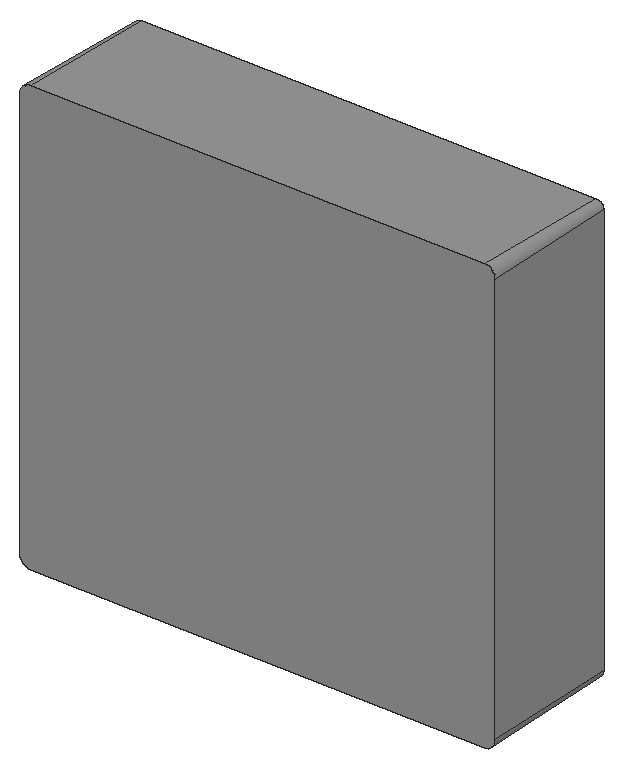
Revit family "L&L_LUCE&LIGHT_PASITO_1.2", category Lighting Fixtures, host Wall, Revit 2018 (continued)
Types (2, lengths in mm): name | Photometric Web File | built-in parameter 1150142
     0.00 0.00 \r\n0.00 0.00 0.00 0.00 0.00 0.00 0.00 0.00 0.00 0.00 0.00 \r\n0.00 0.00 0.00 0.00 0.00 0.00 0.00 0.00 0.00 0.00 0.00 \r\n0.00 0.00 0.00 0.00 0.00 0.00 0.00 0.00 0.00 0.00 0.00 \r\n0.00 0.00 0.00 0.00 0.00 0.00 0.00 0.00 0.00 0.00 0.00 \r\n0.00 0.00 0.00 0.01 0.02 \r\n0.07 0.05 0.02 0.00 0.00 0.00 0.00 0.00 0.00 0.00 0.00 \r\n0.00 0.00 0.00 0.00 0.00 0.00 0.00 0.00 0.00 0.00 0.00 \r\n0.00 0.00 0.00 0.00 0.00 0.00 0.00 0.00 0.00 0.00 0.00 \r\n0.00 0.00 0.00 0.00 0.00 0.00 0.00 0.00 0.00 0.00 0.00 \r\n0.00 0.00 0.00 0.00 0.00 0.00 0.00 0.00 0.00 0.00 0.00 \r\n0.00 0.00 0.00 0.00 0.00 0.00 0.00 0.00 0.00 0.00 0.00 \r\n0.00 0.00 0.00 0.00 0.00 0.00 0.00 0.00 0.00 0.00 0.00 \r\n0.00 0.00 0.00 0.00 0.00 0.00 0.00 0.00 0.00 0.00 0.00 \r\n0.00 0.00 0.00 0.00 0.00 0.00 0.00 0.00 0.00 0.00 0.00 \r\n0.00 0.00 0.00 0.00 0.00 0.00 0.00 0.00 0.00 0.00 0.00 \r\n0.00 0.00 0.00 0.00 0.00 0.00 0.00 0.00 0.00 0.00 0.00 \r\n0.00 0.00 0.00 0.00 0.00 0.00 0.00 0.00 0.00 0.00 0.00 \r\n0.00 0.00 0.00 0.00 0.00 0.00 0.00 0.00 0.00 0.00 0.00 \r\n0.00 0.00 0.00 0.00 0.00 0.00 0.00 0.00 0.00 0.00 0.00 \r\n0.00 0.00 0.00 0.00 0.00 0.00 0.00 0.00 0.00 0.00 0.00 \r\n0.00 0.00 0.00 0.00 0.00 0.00 0.00 0.00 0.00 0.00 0.00 \r\n0.00 0.00 0.01 0.01 0.02 \r\n0.07 0.05 0.04 0.02 0.00 0.00 0.00 0.00 0.00 0.00 0.00 \r\n0.00 0.00 0.00 0.00 0.00 0.00 0.00 0.00 0.00 0.00 0.00 \r\n0.00 0.00 0.00 0.00 0.00 0.00 0.00 0.00 0.00 0.00 0.00 \r\n0.00 0.00 0.00 0.00 0.00 0.00 0.00 0.00 0.00 0.00 0.00 \r\n0.00 0.00 0.00 0.00 0.00 0.00 0.00 0.00 0.00 0.00 0.00 \r\n0.00 0.00 0.00 0.00 0.00 0.00 0.00 0.00 0.00 0.00 0.00 \r\n0.00 0.00 0.00 0.00 0.00 0.00 0.00 0.00 0.00 0.00 0.00 \r\n0.00 0.00 0.00 0.00 0.00 0.00 0.00 0.00 0.00 0.00 0.00 \r\n0.00 0.00 0.00 0.00 0.00 0.00 0.00 0.00 0.00 0.00 0.00 \r\n0.00 0.00 0.00 0.00 0.00 0.00 0.00 0.00 0.00 0.00 0.00 \r\n0.00 0.00 0.00 0.00 0.00 0.00 0.00 0.00 0.00 0.00 0.00 \r\n0.00 0.00 0.00 0.00 0.00 0.00 0.00 0.00 0.00 0.00 0.00 \r\n0.00 0.00 0.00 0.00 0.00 0.00 0.00 0.00 0.00 0.00 0.00 \r\n0.00 0.00 0.00 0.00 0.00 0.00 0.00 0.00 0.00 0.00 0.00 \r\n0.00 0.00 0.00 0.00 0.00 0.00 0.00 0.00 0.00 0.00 0.00 \r\n0.00 0.00 0.00 0.00 0.00 0.00 0.00 0.00 0.00 0.00 0.00 \r\n0.00 0.01 0.01 0.02 0.02 \r\n0.07 0.06 0.05 0.03 0.02 0.01 0.00 0.00 0.00 0.00 0.00 \r\n0.00 0.00 0.00 0.00 0.00 0.00 0.00 0.00 0.00 0.00 0.00 \r\n0.00 0.00 0.00 0.00 0.00 0.00 0.00 0.00 0.00 0.00 0.00 \r\n0.00 0.00 0.00 0.00 0.00 0.00 0.00 0.00 0.00 0.00 0.00 \r\n0.00 0.00 0.00 0.00 0.00 0.00 0.00 0.00 0.00 0.00 0.00 \r\n0.00 0.00 0.00 0.00 0.00 0.00 0.00 0.00 0.00 0.00 0.00 \r\n0.00 0.00 0.00 0.00 0.00 0.00 0.00 0.00 0.00 0.00 0.00 \r\n0.00 0.00 0.00 0.00 0.00 0.00 0.00 0.00 0.00 0.00 0.00 \r\n0.00 0.00 0.00 0.00 0.00 0.00 0.00 0.00 0.00 0.00 0.00 \r\n0.00 0.00 0.00 0.00 0.00 0.00 0.00 0.00 0.00 0.00 0.00 \r\n0.00 0.00 0.00 0.00 0.00 0.00 0.00 0.00 0.00 0.00 0.00 \r\n0.00 0.00 0.00 0.00 0.00 0.00 0.00 0.00 0.00 0.00 0.00 \r\n0.00 0.00 0.00 0.00 0.00 0.00 0.00 0.00 0.00 0.00 0.00 \r\n0.00 0.00 0.00 0.00 0.00 0.00 0.00 0.00 0.00 0.00 0.00 \r\n0.00 0.00 0.00 0.00 0.00 0.00 0.00 0.00 0.00 0.00 0.00 \r\n0.00 0.00 0.00 0.00 0.00 0.00 0.00 0.00 0.00 0.00 0.00 \r\n0.01 0.01 0.02 0.02 0.02 \r\n0.07 0.07 0.06 0.05 0.04 0.04 0.03 0.02 0.02 0.01 0.01 \r\n0.00 0.00 0.00 0.00 0.00 0.00 0.00 0.00 0.00 0.00 0.00 \r\n0.00 0.00 0.00 0.00 0.00 0.00 0.00 0.00 0.00 0.00 0.00 \r\n0.00 0.00 0.00 0.00 0.00 0.00 0.00 0.00 0.00 0.00 0.00 \r\n0.00 0.00 0.00 0.00 0.00 0.00 0.00 0.00 0.00 0.00 0.00 \r\n0.00 0.00 0.00 0.00 0.00 0.00 0.00 0.00 0.00 0.00 0.00 \r\n0.00 0.00 0.00 0.00 0.00 0.00 0.00 0.00 0.00 0.00 0.00 \r\n0.00 0.00 0.00 0.00 0.00 0.00 0.00 0.00 0.00 0.00 0.00 \r\n0.00 0.00 0.00 0.00 0.00 0.00 0.00 0.00 0.00 0.00 0.00 \r\n0.00 0.00 0.00 0.00 0.00 0.00 0.00 0.00 0.00 0.00 0.00 \r\n0.00 0.00 0.00 0.00 0.00 0.00 0.00 0.00 0.00 0.00 0.00 \r\n0.00 0.00 0.00 0.00 0.00 0.00 0.00 0.00 0.00 0.00 0.00 \r\n0.00 0.00 0.00 0.00 0.00 0.00 0.00 0.00 0.00 0.00 0.00 \r\n0.00 0.00 0.00 0.00 0.00 0.00 0.00 0.00 0.00 0.00 0.00 \r\n0.00 0.00 0.00 0.00 0.00 0.00 0.00 0.00 0.00 0.00 0.00 \r\n0.00 0.00 0.00 0.00 0.00 0.00 0.01 0.01 0.01 0.01 0.02 \r\n0.02 0.02 0.02 0.02 0.02 \r\n0.07 0.07 0.07 0.07 0.07 0.07 0.07 0.07 0.07 0.07 0.07 \r\n0.07 0.07 0.07 0.08 0.08 0.08 0.08 0.08 0.09 0.09 0.09 \r\n0.09 0.09 0.10 0.10 0.10 0.10 0.11 0.11 0.11 0.11 0.11 \r\n0.12 0.12 0.12 0.12 0.13 0.13 0.13 0.13 0.14 0.14 0.14 \r\n0.14 0.15 0.15 0.15 0.15 0.15 0.16 0.16 0.16 0.16 0.17 \r\n0.17 0.17 0.17 0.17 0.17 0.18 0.18 0.18 0.18 0.18 0.18 \r\n0.19 0.19 0.19 0.19 0.19 0.19 0.19 0.19 0.20 0.20 0.20 \r\n0.20 0.20 0.20 0.20 0.20 0.21 0.21 0.21 0.21 0.21 0.21 \r\n0.21 0.21 0.22 0.22 0.22 0.22 0.22 0.22 0.22 0.22 0.22 \r\n0.22 0.22 0.22 0.22 0.22 0.22 0.22 0.22 0.22 0.22 0.21 \r\n0.21 0.21 0.21 0.21 0.21 0.20 0.20 0.20 0.20 0.19 0.19 \r\n0.19 0.19 0.18 0.18 0.18 0.18 0.18 0.17 0.17 0.17 0.17 \r\n0.16 0.16 0.16 0.15 0.15 0.15 0.14 0.14 0.14 0.13 0.13 \r\n0.13 0.12 0.12 0.11 0.11 0.11 0.10 0.10 0.09 0.09 0.09 \r\n0.08 0.08 0.08 0.07 0.07 0.07 0.06 0.06 0.06 0.06 0.05 \r\n0.05 0.05 0.05 0.04 0.04 0.04 0.04 0.04 0.04 0.04 0.04 \r\n0.04 0.03 0.03 0.02 0.02 \r\n0.07 0.07 0.08 0.09 0.10 0.11 0.12 0.14 0.15 0.16 0.17 \r\n0.18 0.21 0.25 0.30 0.35 0.39 0.43 0.47 0.53 0.60 0.66 \r\n0.73 0.80 0.87 0.94 1.00 1.05 1.11 1.18 1.24 1.30 1.35 \r\n1.40 1.45 1.49 1.53 1.58 1.62 1.66 1.70 1.73 1.74 1.76 \r\n1.76 1.77 1.78 1.78 1.78 1.78 1.78 1.80 1.83 1.85 1.89 \r\n1.93 1.97 2.00 2.03 2.05 2.07 2.08 2.08 2.08 2.07 2.06 \r\n2.07 2.07 2.08 2.09 2.09 2.09 2.08 2.07 2.06 2.04 2.04 \r\n2.02 2.00 1.98 1.96 1.94 1.91 1.87 1.84 1.80 1.76 1.72 \r\n1.68 1.64 1.60 1.56 1.52 1.49 1.46 1.43 1.41 1.38 1.36 \r\n1.34 1.32 1.30 1.28 1.25 1.23 1.21 1.19 1.17 1.14 1.12 \r\n1.10 1.08 1.06 1.04 1.02 1.00 0.98 0.96 0.95 0.93 0.92 \r\n0.90 0.88 0.87 0.85 0.83 0.81 0.80 0.78 0.77 0.75 0.73 \r\n0.72 0.69 0.67 0.66 0.64 0.63 0.61 0.60 0.58 0.57 0.55 \r\n0.53 0.51 0.49 0.48 0.46 0.44 0.43 0.41 0.40 0.38 0.36 \r\n0.35 0.33 0.31 0.30 0.28 0.27 0.25 0.24 0.22 0.21 0.19 \r\n0.18 0.17 0.15 0.14 0.13 0.12 0.11 0.10 0.10 0.09 0.08 \r\n0.07 0.05 0.04 0.03 0.02 \r\n0.07 0.08 0.09 0.11 0.15 0.20 0.25 0.33 0.41 0.49 0.61 \r\n0.73 0.88 1.03 1.19 1.33 1.45 1.57 1.66 1.71 1.75 1.80 \r\n1.88 1.98 2.13 2.36 2.60 2.87 3.22 3.59 3.99 4.46 4.96 \r\n5.47 6.01 6.55 7.08 7.59 8.11 8.58 8.98 9.32 9.61 9.84 \r\n10.01 10.14 10.25 10.31 10.32 10.30 10.28 10.26 10.25 \r\n10.27 10.32 10.37 10.42 10.45 10.46 10.47 10.47 10.47 \r\n10.46 10.45 10.44 10.44 10.42 10.41 10.39 10.36 10.32 \r\n10.27 10.19 10.09 9.97 9.83 9.68 9.51 9.33 9.13 8.91 8.68 \r\n8.43 8.17 7.91 7.64 7.38 7.12 6.86 6.59 6.30 6.00 5.68 \r\n5.34 4.96 4.56 4.12 3.68 3.27 2.91 2.64 2.50 2.40 2.34 \r\n2.30 2.27 2.24 2.21 2.18 2.15 2.12 2.09 2.06 2.03 2.01 \r\n1.98 1.95 1.92 1.89 1.86 1.83 1.79 1.76 1.72 1.69 1.66 \r\n1.63 1.60 1.56 1.53 1.50 1.46 1.42 1.38 1.34 1.31 1.27 \r\n1.23 1.20 1.17 1.13 1.10 1.07 1.03 1.00 0.96 0.93 0.89 \r\n0.86 0.83 0.80 0.77 0.73 0.70 0.67 0.64 0.61 0.58 0.55 \r\n0.52 0.49 0.46 0.44 0.41 0.38 0.35 0.32 0.29 0.27 0.24 \r\n0.22 0.20 0.18 0.16 0.14 0.12 0.10 0.07 0.05 0.03 0.02 \r\n0.07 0.08 0.10 0.15 0.22 0.37 0.53 0.72 0.90 1.11 1.32 \r\n1.50 1.64 1.71 1.79 1.89 2.06 2.32 2.65 3.09 3.57 4.12 \r\n4.70 5.33 6.00 6.75 7.57 8.55 9.55 10.63 11.71 12.90 \r\n14.20 15.61 17.09 18.54 19.99 21.40 22.87 24.28 25.58 \r\n26.72 27.52 28.13 28.50 28.67 28.74 28.69 28.54 28.33 \r\n28.09 27.86 27.66 27.43 27.21 27.00 26.77 26.57 26.42 \r\n26.28 26.14 25.97 25.77 25.53 25.25 24.96 24.66 24.35 \r\n24.04 23.73 23.41 23.07 22.71 22.32 21.92 21.49 21.05 \r\n20.59 20.11 19.60 19.08 18.52 17.94 17.34 16.72 16.08 \r\n15.42 14.75 14.07 13.38 12.69 11.98 11.27 10.55 9.81 9.05 \r\n8.28 7.52 6.78 6.08 5.47 4.94 4.51 4.17 3.93 3.82 3.77 \r\n3.72 3.66 3.61 3.55 3.49 3.44 3.39 3.33 3.27 3.20 3.14 \r\n3.07 3.01 2.95 2.89 2.82 2.76 2.70 2.63 2.57 2.52 2.46 \r\n2.40 2.34 2.28 2.22 2.15 2.09 2.03 1.97 1.91 1.86 1.80 \r\n1.75 1.70 1.64 1.59 1.54 1.48 1.43 1.38 1.32 1.27 1.22 \r\n1.17 1.12 1.07 1.02 0.97 0.92 0.88 0.83 0.78 0.74 0.69 \r\n0.65 0.61 0.57 0.54 0.49 0.45 0.42 0.38 0.34 0.31 0.27 \r\n0.24 0.21 0.17 0.13 0.09 0.06 0.04 0.02 \r\n0.07 0.08 0.12 0.19 0.39 0.63 0.89 1.16 1.40 1.61 1.70 \r\n1.81 1.98 2.34 2.84 3.40 4.06 4.83 5.66 6.54 7.48 8.51 \r\n9.76 11.19 12.71 14.24 15.79 17.47 19.48 21.65 24.09 \r\n26.69 29.50 32.53 35.61 38.60 41.40 43.92 46.09 47.84 \r\n49.02 49.76 49.99 50.04 49.93 49.83 49.56 49.28 48.87 \r\n48.51 48.10 47.69 47.22 46.71 46.21 45.68 45.17 44.60 \r\n44.02 43.42 42.79 42.16 41.54 40.91 40.28 39.64 38.95 \r\n38.26 37.56 36.84 36.11 35.39 34.66 33.90 33.12 32.32 \r\n31.52 30.71 29.88 29.03 28.16 27.28 26.38 25.46 24.51 \r\n23.53 22.53 21.50 20.45 19.41 18.36 17.33 16.31 15.31 \r\n14.31 13.32 12.35 11.41 10.50 9.66 8.87 8.16 7.52 6.96 \r\n6.49 6.13 5.85 5.66 5.51 5.39 5.28 5.17 5.06 4.94 4.82 \r\n4.71 4.60 4.50 4.40 4.30 4.20 4.11 4.01 3.91 3.81 3.71 \r\n3.61 3.52 3.42 3.33 3.24 3.16 3.08 3.00 2.92 2.83 2.75 \r\n2.66 2.58 2.51 2.43 2.35 2.26 2.18 2.10 2.02 1.95 1.88 \r\n1.81 1.74 1.67 1.60 1.53 1.46 1.39 1.32 1.25 1.19 1.13 \r\n1.07 1.01 0.95 0.89 0.82 0.76 0.70 0.65 0.60 0.55 0.50 \r\n0.46 0.41 0.36 0.32 0.27 0.22 0.17 0.11 0.07 0.04 0.02 \r\n0.07 0.08 0.13 0.30 0.58 0.92 1.25 1.52 1.69 1.84 2.11 \r\n2.59 3.24 3.98 4.86 5.89 7.07 8.35 9.74 11.33 13.15 15.15 \r\n17.27 19.49 22.04 24.97 28.23 31.67 35.16 38.95 43.02 \r\n47.07 50.68 53.52 55.72 57.33 58.24 58.71 58.99 59.27 \r\n59.51 59.63 59.59 59.42 59.18 58.91 58.61 58.28 57.89 \r\n57.44 56.96 56.44 55.85 55.24 54.61 53.99 53.33 52.62 \r\n51.88 51.14 50.41 49.67 48.91 48.09 47.23 46.36 45.50 \r\n44.63 43.76 42.87 41.95 41.01 40.06 39.11 38.15 37.17 \r\n36.18 35.16 34.12 33.06 31.98 30.89 29.77 28.64 27.49 \r\n26.35 25.20 24.06 22.93 21.83 20.75 19.71 18.70 17.72 \r\n16.76 15.82 14.91 14.03 13.18 12.39 11.66 10.99 10.36 \r\n9.78 9.23 8.73 8.26 7.84 7.49 7.20 6.97 6.80 6.66 6.53 \r\n6.39 6.25 6.09 5.93 5.78 5.64 5.51 5.38 5.24 5.10 4.97 \r\n4.84 4.73 4.61 4.49 4.36 4.23 4.11 3.99 3.87 3.76 3.65 \r\n3.54 3.43 3.33 3.23 3.13 3.03 2.92 2.81 2.71 2.62 2.52 \r\n2.42 2.32 2.22 2.13 2.04 1.95 1.87 1.78 1.69 1.61 1.52 \r\n1.44 1.36 1.27 1.19 1.12 1.05 0.98 0.90 0.83 0.75 0.68 \r\n0.62 0.57 0.51 0.46 0.39 0.33 0.27 0.20 0.14 0.08 0.04 \r\n0.02 \r\n0.07 0.09 0.15 0.40 0.79 1.21 1.53 1.73 1.93 2.38 3.10 \r\n3.95 4.92 6.12 7.58 9.26 11.07 13.06 15.34 17.90 20.66 \r\n23.65 27.05 30.98 35.29 39.92 44.97 50.20 54.97 58.85 \r\n61.82 63.95 65.28 66.07 66.70 67.34 67.92 68.35 68.65 \r\n68.86 69.03 69.17 69.19 69.06 68.90 68.71 68.45 68.12 \r\n67.71 67.25 66.73 66.13 65.48 64.81 64.14 63.40 62.59 \r\n61.73 60.85 59.94 59.01 58.05 57.09 56.10 55.10 54.06 \r\n52.99 51.89 50.77 49.64 48.50 47.33 46.12 44.90 43.64 \r\n42.37 41.09 39.78 38.46 37.11 35.75 34.37 32.98 31.59 \r\n30.20 28.84 27.51 26.23 24.99 23.82 22.69 21.63 20.62 \r\n19.65 18.72 17.82 16.94 16.10 15.29 14.52 13.80 13.12 \r\n12.50 11.94 11.43 10.97 10.52 10.09 9.67 9.27 8.89 8.55 \r\n8.27 8.05 7.87 7.71 7.55 7.38 7.20 7.03 6.86 6.67 6.49 \r\n6.33 6.18 6.01 5.84 5.68 5.52 5.37 5.23 5.10 4.96 4.80 \r\n4.64 4.50 4.36 4.23 4.09 3.95 3.81 3.69 3.56 3.44 3.32 \r\n3.21 3.10 2.98 2.86 2.75 2.63 2.52 2.39 2.27 2.16 2.05 \r\n1.95 1.86 1.76 1.66 1.56 1.46 1.36 1.26 1.17 1.09 1.00 \r\n0.92 0.84 0.75 0.68 0.61 0.54 0.47 0.40 0.32 0.24 0.16 \r\n0.09 0.05 0.02 \r\n0.07 0.09 0.20 0.54 1.00 1.43 1.70 1.95 2.49 3.34 4.40 \r\n5.63 7.15 9.00 11.06 13.24 15.82 18.87 22.22 25.93 30.28 \r\n35.32 40.82 46.65 52.85 58.66 63.48 67.04 69.59 71.29 \r\n72.49 73.64 74.82 75.87 76.73 77.45 78.13 78.77 79.29 \r\n79.70 80.08 80.39 80.56 80.61 80.58 80.47 80.32 80.10 \r\n79.77 79.30 78.73 78.11 77.45 76.76 75.99 75.14 74.19 \r\n73.24 72.27 71.26 70.18 69.03 67.82 66.60 65.33 64.00 \r\n62.63 61.24 59.84 58.42 56.94 55.41 53.83 52.21 50.57 \r\n48.90 47.20 45.48 43.72 41.93 40.12 38.32 36.55 34.81 \r\n33.14 31.52 29.99 28.53 27.16 25.88 24.67 23.55 22.50 \r\n21.51 20.56 19.64 18.76 17.91 17.11 16.36 15.66 15.01 \r\n14.40 13.84 13.31 12.83 12.38 11.97 11.58 11.20 10.81 \r\n10.41 10.03 9.68 9.38 9.13 8.91 8.70 8.52 8.34 8.13 7.91 \r\n7.71 7.53 7.34 7.15 6.96 6.78 6.58 6.39 6.21 6.04 5.88 \r\n5.71 5.54 5.37 5.21 5.04 4.86 4.69 4.53 4.37 4.23 4.08 \r\n3.93 3.78 3.63 3.50 3.37 3.24 3.10 2.97 2.83 2.70 2.56 \r\n2.42 2.29 2.17 2.05 1.94 1.83 1.71 1.61 1.50 1.38 1.27 \r\n1.17 1.07 0.98 0.89 0.79 0.70 0.62 0.54 0.46 0.36 0.27 \r\n0.19 0.11 0.05 0.02 \r\n0.07 0.09 0.25 0.67 1.20 1.59 1.88 2.36 3.27 4.50 5.94 \r\n7.70 9.84 12.15 14.73 17.97 21.67 25.80 30.74 36.59 43.05 \r\n49.70 56.54 63.15 68.57 72.49 75.02 76.81 78.62 80.45 \r\n82.12 83.67 85.07 86.40 87.68 88.81 89.79 90.69 91.59 \r\n92.41 92.98 93.43 93.85 94.14 94.29 94.39 94.44 94.38 \r\n94.19 93.86 93.40 92.85 92.26 91.59 90.83 89.96 89.01 \r\n88.01 86.94 85.70 84.35 82.93 81.48 79.98 78.42 76.81 \r\n75.14 73.38 71.52 69.58 67.59 65.56 63.50 61.37 59.18 \r\n56.93 54.60 52.22 49.81 47.39 45.00 42.66 40.40 38.24 \r\n36.21 34.30 32.52 30.87 29.35 27.95 26.65 25.46 24.35 \r\n23.30 22.31 21.36 20.45 19.59 18.78 18.03 17.32 16.66 \r\n16.04 15.47 14.93 14.44 13.99 13.58 13.20 12.84 12.48 \r\n12.09 11.69 11.27 10.86 10.51 10.22 9.97 9.73 9.50 9.30 \r\n9.11 8.90 8.67 8.45 8.23 8.02 7.80 7.59 7.39 7.17 6.97 \r\n6.78 6.59 6.39 6.18 5.99 5.81 5.63 5.44 5.25 5.07 4.89 \r\n4.70 4.52 4.36 4.20 4.03 3.85 3.70 3.56 3.41 3.25 3.08 \r\n2.93 2.80 2.66 2.51 2.35 2.21 2.09 1.96 1.83 1.70 1.58 \r\n1.46 1.33 1.22 1.12 1.01 0.91 0.80 0.70 0.61 0.51 0.41 \r\n0.31 0.21 0.12 0.05 0.02 \r\n0.07 0.09 0.30 0.80 1.36 1.72 2.13 2.92 4.21 5.81 7.70 \r\n10.00 12.53 15.53 19.24 23.37 28.38 34.40 41.21 48.52 \r\n56.10 63.97 70.81 75.71 78.56 80.85 83.27 85.70 88.07 \r\n90.27 92.15 94.05 95.99 97.81 99.53 101.14 102.48 103.72 \r\n105.10 106.36 107.32 108.08 108.85 109.50 109.95 110.24 \r\n110.43 110.61 110.70 110.58 110.30 109.93 109.44 108.85 \r\n108.18 107.33 106.30 105.18 104.03 102.84 101.51 99.96 \r\n98.28 96.54 94.64 92.62 90.55 88.38 86.07 83.63 81.06 \r\n78.35 75.52 72.58 69.52 66.35 63.09 59.78 56.45 53.18 \r\n50.03 47.04 44.22 41.61 39.20 36.99 34.98 33.15 31.49 \r\n29.97 28.58 27.30 26.10 24.99 23.93 22.93 21.98 21.10 \r\n20.27 19.50 18.78 18.11 17.48 16.90 16.35 15.83 15.36 \r\n14.92 14.53 14.18 13.85 13.53 13.19 12.80 12.37 11.94 \r\n11.53 11.18 10.88 10.61 10.36 10.13 9.91 9.69 9.46 9.23 \r\n9.00 8.77 8.53 8.31 8.08 7.86 7.64 7.41 7.19 6.99 6.74 \r\n6.52 6.35 6.13 5.90 5.72 5.53 5.31 5.12 4.92 4.71 4.53 \r\n4.35 4.16 3.98 3.81 3.66 3.50 3.33 3.15 2.98 2.82 2.68 \r\n2.52 2.34 2.19 2.05 1.91 1.77 1.64 1.50 1.37 1.25 1.13 \r\n1.02 0.90 0.78 0.67 0.56 0.45 0.34 0.23 0.13 0.06 0.02 \r\n0.07 0.10 0.34 0.93 1.49 1.84 2.42 3.59 5.22 7.17 9.50 \r\n12.23 15.45 19.47 24.01 29.56 36.25 43.65 51.96 60.90 \r\n69.29 75.83 80.04 82.99 85.92 88.99 91.88 94.60 97.21 \r\n99.97 102.65 105.06 107.33 109.63 111.73 113.78 115.85 \r\n117.63 119.20 120.80 122.32 123.59 124.60 125.61 126.52 \r\n127.08 127.46 127.79 128.04 128.25 128.38 128.26 127.95 \r\n127.55 126.93 126.17 125.32 124.29 123.07 121.74 120.27 \r\n118.60 116.72 114.69 112.57 110.31 107.84 105.18 102.33 \r\n99.28 96.01 92.52 88.84 84.94 80.77 76.42 71.99 67.55 \r\n63.19 58.98 55.01 51.33 47.96 44.90 42.13 39.63 37.39 \r\n35.36 33.54 31.89 30.40 29.03 27.77 26.59 25.48 24.42 \r\n23.42 22.48 21.61 20.80 20.05 19.35 18.71 18.12 17.56 \r\n17.05 16.56 16.11 15.69 15.30 14.95 14.62 14.31 14.01 \r\n13.66 13.26 12.83 12.40 12.01 11.66 11.37 11.10 10.85 \r\n10.62 10.38 10.12 9.87 9.64 9.40 9.15 8.89 8.66 8.42 8.19 \r\n7.93 7.69 7.48 7.24 7.00 6.75 6.53 6.33 6.08 5.88 5.69 \r\n5.44 5.22 5.00 4.80 4.62 4.42 4.20 4.00 3.82 3.65 3.48 \r\n3.31 3.13 2.95 2.78 2.61 2.43 2.25 2.09 1.95 1.80 1.66 \r\n1.52 1.37 1.24 1.11 0.99 0.85 0.72 0.60 0.49 0.36 0.25 \r\n0.14 0.06 0.02 \r\n0.07 0.10 0.40 1.04 1.57 1.97 2.77 4.28 6.18 8.50 11.27 \r\n14.44 18.67 23.42 29.25 36.36 44.27 53.50 63.34 72.02 \r\n78.47 83.12 86.53 89.91 93.35 96.62 99.97 103.41 106.65 \r\n109.62 112.63 115.78 118.54 121.39 124.16 126.66 129.14 \r\n131.37 133.58 135.72 137.47 139.02 140.50 141.82 143.01 \r\n144.03 144.83 145.52 146.00 146.39 146.78 146.88 146.76 \r\n146.55 146.14 145.47 144.64 143.71 142.51 141.07 139.54 \r\n137.82 135.79 133.58 131.21 128.53 125.53 122.32 118.87 \r\n115.09 110.98 106.55 101.79 96.70 91.35 85.82 80.24 74.71 \r\n69.37 64.33 59.64 55.35 51.48 48.01 44.91 42.15 39.68 \r\n37.48 35.49 33.72 32.11 30.66 29.31 28.06 26.88 25.76 \r\n24.71 23.73 22.81 21.96 21.19 20.47 19.80 19.17 18.59 \r\n18.06 17.57 17.11 16.68 16.29 15.93 15.58 15.23 14.93 \r\n14.67 14.36 13.98 13.54 13.08 
